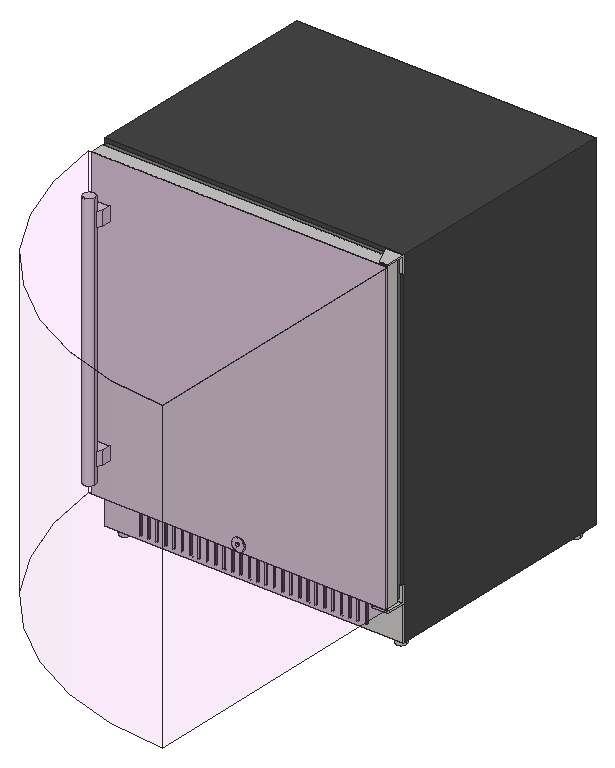
Revit family "QF_Summit_FF27BSSADA_ADA_Compliant_All_Refrigerator", category Specialty Equipment, Revit 2020
Family settings
  Round Connector Dimension = Use Diameter
  Part Type = Normal
  Work Plane-Based = No
  Always vertical = Yes
  Cut with Voids When Loaded = No
  Shared = No
  Room Calculation Point = No
Parameters
  Weight in Pounds = 101
  Watts = if(Phase = 3, Volts * FL Amps * 1.73, Volts * FL Amps)  # 143.75 W
  Volts = 115 V
  URL Cutsheet = ""
  Specification by User = ""
  Specification by Manufacturer = ""
  Show RHD [instance] = yes
  Show LHD [instance] = not(Show RHD)  # no
  Show Clearance [instance] = yes
  Serial Number = ""
  Seismic Rating = ""
  SMACNA No = ""
  Revision Code = ""
  Phase = 1
  Number of Poles = 1
  NAFEM Spec ID Number = ""
  Model = "FF27BSSADA"
  Min Ckt Ampacity = 0 A
  Max Overcurrent Protection = 0 A
  Masterspec = ""
  Manufacturer = "Summit"
  Length = 26 3/4"
  Item Number = ""
  Installed By = ""
  Identify Quantity as Lot = yes
  Height = 31 7/8"
  HP = ""
  Furnished By = ""
  Foodservice Equipment Identifier = yes
  FL Amps = 1.25 A
  Electrical Remarks = ""
  Electric Connection Type = ""
  Elec Conn RI Height = 0"
  Elec Conn Connection Height = 0"
  Description = "ADA Compliant All-Refrigerator"
  Depth = 23 1/4"
  Default Elevation = 0"
  Cycle = 60 Hz
  Conn Plug = ""
  Conn Conduit = yes
  CSI MasterFormat = ""
  Apparent Power = if(Phase = 3, Volts * FL Amps * 1.73, Volts * FL Amps)  # 143.75 VA
Reference planes (in)
  plane 1 "BACK": y = 0
  plane 2: z = 0
  plane 3 "LEFT": x = 0
  plane 4 "RIGHT": x = 26.75
  plane 5 "FRONT": y = -23.25
  plane 6 "TOP": z = 31.875
  plane 7 "Center Y": x = 13.375
  plane 8 "Center X": y = -11.625
  plane 9 "Base Height": z = 0.75
  plane 10: y = -48.5
  plane 11: y = -25.25
  plane 12: y = -21.5
Forms (in)
  Extrusion 1, solid, material "QF_Metal_Black"
    sketch origin (0, 0, 0.75) x (-1, 0, 0) y (0, -1, 0)
      loop
        line (0, 0) -> (0, 21.5) -> (-26.75, 21.5) -> (-26.75, 0) -> (0, 0)
    from 0 to 31.125
  Extrusion 2, solid, material "QF_Rubber - Black - Smooth"
    sketch origin (27.26123, -21.5, 0.75) x (-1, 0, 0) y (0, 0, -1)
      loop
        line (0.82373, -30.8125) -> (26.94873, -30.8125) -> (26.94873, -3.4375) -> (0.82373, -3.4375) -> (0.82373, -30.8125)
    from 0 to 0.5
  Extrusion 3, solid, material "QF_Metal - Stainless - Polished"
    sketch origin (27.26123, -22, 0.75) x (-1, 0, 0) y (0, 0, -1)
      loop
        line (0.69873, -3.375) -> (0.69873, -30.875) -> (27.07373, -30.875) -> (27.07373, -3.375) -> (0.69873, -3.375)
    from 0 to 1.25
  Extrusion 4, solid, material "QF_Metal - Stainless - Polished"
    sketch origin (27.26123, -21.5, 0.75) x (-1, 0, 0) y (0, 0, -1)
      loop
        line (27.26123, -3.125) -> (27.26123, 0) -> (0.51123, 0) -> (0.51123, -3.125) -> (27.26123, -3.125)
      loop
        line (23.88623, -0.3125) -> (23.88623, -2.8125) -> (24.13623, -2.8125) -> (24.13623, -0.3125) -> (23.88623, -0.3125)
      loop
        line (23.13623, -0.3125) -> (23.13623, -2.8125) -> (23.38623, -2.8125) -> (23.38623, -0.3125) -> (23.13623, -0.3125)
      loop
        line (22.38623, -0.3125) -> (22.38623, -2.8125) -> (22.63623, -2.8125) -> (22.63623, -0.3125) -> (22.38623, -0.3125)
      loop
        line (21.63623, -0.3125) -> (21.63623, -2.8125) -> (21.88623, -2.8125) -> (21.88623, -0.3125) -> (21.63623, -0.3125)
      loop
        line (21.13623, -2.8125) -> (21.13623, -0.3125) -> (20.88623, -0.3125) -> (20.88623, -2.8125) -> (21.13623, -2.8125)
      loop
        line (20.38623, -2.8125) -> (20.38623, -0.3125) -> (20.13623, -0.3125) -> (20.13623, -2.8125) -> (20.38623, -2.8125)
      loop
        line (19.63623, -2.8125) -> (19.63623, -0.3125) -> (19.38623, -0.3125) -> (19.38623, -2.8125) -> (19.63623, -2.8125)
      loop
        line (18.88623, -2.8125) -> (18.88623, -0.3125) -> (18.63623, -0.3125) -> (18.63623, -2.8125) -> (18.88623, -2.8125)
      loop
        line (18.13623, -2.8125) -> (18.13623, -0.3125) -> (17.88623, -0.3125) -> (17.88623, -2.8125) -> (18.13623, -2.8125)
      loop
        line (17.38623, -2.8125) -> (17.38623, -0.3125) -> (17.13623, -0.3125) -> (17.13623, -2.8125) -> (17.38623, -2.8125)
      loop
        line (16.63623, -2.8125) -> (16.63623, -0.3125) -> (16.38623, -0.3125) -> (16.38623, -2.8125) -> (16.63623, -2.8125)
      loop
        line (15.88623, -2.8125) -> (15.88623, -0.3125) -> (15.63623, -0.3125) -> (15.63623, -2.8125) -> (15.88623, -2.8125)
      loop
        line (15.13623, -2.8125) -> (15.13623, -0.3125) -> (14.88623, -0.3125) -> (14.88623, -2.8125) -> (15.13623, -2.8125)
      loop
        line (14.38623, -2.8125) -> (14.38623, -0.3125) -> (14.13623, -0.3125) -> (14.13623, -2.8125) -> (14.38623, -2.8125)
      loop
        line (13.63623, -2.8125) -> (13.63623, -0.3125) -> (13.38623, -0.3125) -> (13.38623, -2.8125) -> (13.63623, -2.8125)
      loop
        line (12.88623, -2.8125) -> (12.88623, -0.3125) -> (12.63623, -0.3125) -> (12.63623, -2.8125) -> (12.88623, -2.8125)
      loop
        line (12.13623, -2.8125) -> (12.13623, -0.3125) -> (11.88623, -0.3125) -> (11.88623, -2.8125) -> (12.13623, -2.8125)
      loop
        line (11.38623, -2.8125) -> (11.38623, -0.3125) -> (11.13623, -0.3125) -> (11.13623, -2.8125) -> (11.38623, -2.8125)
      loop
        line (10.63623, -2.8125) -> (10.63623, -0.3125) -> (10.38623, -0.3125) -> (10.38623, -2.8125) -> (10.63623, -2.8125)
      loop
        line (9.88623, -2.8125) -> (9.88623, -0.3125) -> (9.63623, -0.3125) -> (9.63623, -2.8125) -> (9.88623, -2.8125)
      loop
        line (9.13623, -2.8125) -> (9.13623, -0.3125) -> (8.88623, -0.3125) -> (8.88623, -2.8125) -> (9.13623, -2.8125)
      loop
        line (8.38623, -2.8125) -> (8.38623, -0.3125) -> (8.13623, -0.3125) -> (8.13623, -2.8125) -> (8.38623, -2.8125)
      loop
        line (7.38623, -0.3125) -> (7.38623, -2.8125) -> (7.63623, -2.8125) -> (7.63623, -0.3125) -> (7.38623, -0.3125)
      loop
        line (6.88623, -2.8125) -> (6.88623, -0.3125) -> (6.63623, -0.3125) -> (6.63623, -2.8125) -> (6.88623, -2.8125)
      loop
        line (6.13623, -2.8125) -> (6.13623, -0.3125) -> (5.88623, -0.3125) -> (5.88623, -2.8125) -> (6.13623, -2.8125)
      loop
        line (5.38623, -2.8125) -> (5.38623, -0.3125) -> (5.13623, -0.3125) -> (5.13623, -2.8125) -> (5.38623, -2.8125)
      loop
        line (4.38623, -0.3125) -> (4.38623, -2.8125) -> (4.63623, -2.8125) -> (4.63623, -0.3125) -> (4.38623, -0.3125)
      loop
        line (3.63623, -0.3125) -> (3.63623, -2.8125) -> (3.88623, -2.8125) -> (3.88623, -0.3125) -> (3.63623, -0.3125)
    from -0.0625 to 0.03516
  Revolve 5, solid, material "QF_Metal - Stainless - Polished"
    sketch origin (0, -1, 0) x (1, 0, 0) y (0, 0, 1)
      loop
        line (25.75886, 0) -> (25.75886, 0.75) -> (25.1875, 0.75) -> (25.31256, 0) -> (25.75886, 0)
      axis (25.75886, 0.75) -> (25.75886, 0)
    angle from 0 to 360
  Revolve 6, solid, material "QF_Metal - Stainless - Polished"
    sketch origin (26.75, -1, 0) x (-1, 0, 0) y (0, 0, 1)
      loop
        line (25.75886, 0) -> (25.75886, 0.75) -> (25.1875, 0.75) -> (25.31256, 0) -> (25.75886, 0)
      axis (25.75886, 0.75) -> (25.75886, 0)
    angle from 0 to 360
  Revolve 7, solid, material "QF_Metal - Stainless - Polished"
    sketch origin (0, -20.5, 0) x (1, 0, 0) y (0, 0, 1)
      loop
        line (25.75886, 0) -> (25.75886, 0.75) -> (25.1875, 0.75) -> (25.31256, 0) -> (25.75886, 0)
      axis (25.75886, 0.75) -> (25.75886, 0)
    angle from 0 to 360
  Revolve 8, solid, material "QF_Metal - Stainless - Polished"
    sketch origin (26.75, -20.5, 0) x (-1, 0, 0) y (0, 0, 1)
      loop
        line (25.75886, 0) -> (25.75886, 0.75) -> (25.1875, 0.75) -> (25.31256, 0) -> (25.75886, 0)
      axis (25.75886, 0.75) -> (25.75886, 0)
    angle from 0 to 360
  Extrusion 9, solid, material "QF_Metal - Stainless - Polished", visible <- "Show RHD"
    sketch origin (0, 0, 0.75) x (-1, 0, 0) y (0, -1, 0)
      loop
        circle (-1.1875, 24.75) r 0.5
    from 5.32883 to 28.32883
  Extrusion 10, solid, material "QF_Metal - Stainless - Polished", visible <- "Show RHD"
    sketch origin (0, 0, 0.75) x (-1, 0, 0) y (0, -1, 0)
      loop
        line (-0.5625, 23.25) -> (-0.5625, 24) -> (-0.74842, 24.51081)
        arc (-0.74842, 24.51081) -> (-1.1875, 24.25) -> (-1.62658, 24.51081) r 0.5
        line (-1.62658, 24.51081) -> (-1.8125, 24) -> (-1.8125, 23.25) -> (-0.5625, 23.25)
    from 25.82883 to 27.07883
  Extrusion 11, solid, material "QF_Metal - Stainless - Polished", visible <- "Show RHD"
    sketch origin (0, 0, 0.75) x (-1, 0, 0) y (0, -1, 0)
      loop
        line (-1.8125, 24) -> (-1.8125, 23.25) -> (-0.5625, 23.25) -> (-0.5625, 24) -> (-0.74842, 24.51081)
        arc (-0.74842, 24.51081) -> (-1.1875, 24.25) -> (-1.62658, 24.51081) r 0.5
        line (-1.62658, 24.51081) -> (-1.8125, 24)
    from 6.57883 to 7.82883
  Extrusion 12, solid, material "QF_Metal - Stainless - Polished", visible <- "Show RHD"
    sketch origin (27.26123, -21.5, 0.75) x (-1, 0, 0) y (0, 0, -1)
      loop
        line (0.51123, -31.125) -> (2.01123, -31.125) -> (2.01123, -30.875) -> (0.76123, -30.875) -> (0.76123, -29.625) -> (0.51123, -29.625) -> (0.51123, -31.125)
      loop
        line (0.51123, -3.125) -> (0.51123, -4.625) -> (0.76123, -4.625) -> (0.76123, -3.375) -> (2.01123, -3.375) -> (2.01123, -3.125) -> (0.51123, -3.125)
    from 0 to 0.125
  Extrusion 13, solid, material "QF_Metal - Stainless - Polished", visible <- "Show RHD"
    sketch origin (26.75, -21.5, 31.875) x (-1, 0, 0) y (0, -1, 0)
      loop
        line (1.5, 0) -> (1.5, 0.125) -> (0.6875, 1.75) -> (0, 1.75) -> (0, 0) -> (1.5, 0)
    from 0 to -0.125
  Extrusion 14, solid, material "QF_Metal - Stainless - Polished", visible <- "Show RHD"
    sketch origin (26.75, -21.5, 31.75) x (0, -1, 0) y (-1, 0, 0)
      loop
        circle (1.1875, 0.75) r 0.11776
    from 0 to 0.125
  Extrusion 15, solid, material "QF_Metal - Stainless - Polished", visible <- "Show RHD"
    sketch origin (26.75, -21.5, 3.875) x (0, 1, 0) y (1, 0, 0)
      loop
        line (-0.125, 0) -> (-1.61884, 0)
        arc (-1.61884, 0) -> (-1.71158, -0.03842) -> (-1.75, -0.13116) r 0.13116
        line (-1.75, -0.13116) -> (-1.75, -1.36719)
        arc (-1.75, -1.36719) -> (-1.7111, -1.4611) -> (-1.61719, -1.5) r 0.13281
        line (-1.61719, -1.5) -> (-0.125, -1.5) -> (-0.125, 0)
    from 0 to -0.125
  Extrusion 16, solid, material "QF_Metal - Stainless - Polished", visible <- "Show RHD"
    sketch origin (26.75, -21.5, 4) x (0, 1, 0) y (-1, 0, 0)
      loop
        circle (-1.1875, 0.75) r 0.11776
      loop
        circle (-1.1875, 1.19544) r 0.11776
    from 0 to 0.125
  Extrusion 17, solid, material "QF_Rubber - Black - Smooth"
    sketch origin (-4.07559, 0, 0.75) x (1, 0, 0) y (0, 0, -1)
      loop
        circle (24.63475, -1.63661) r 0.25
    from 0 to 0.0625
  Extrusion 18, void
    sketch origin (27.26123, -23.25, 0.75) x (-1, 0, 0) y (0, 0, -1)
      loop
        circle (13.88623, -3.96887) r 0.57159
    from -0.0625 to 0.0625
  Extrusion 19, solid, material "QF_Metal - Stainless - Polished", visible <- "Show RHD"
    sketch origin (27.26123, -23.25, -1.27173) x (-1, 0, 0) y (0, 0, -1)
      loop
        circle (13.88623, -5.9906) r 0.5625
      loop
        circle (13.88623, -5.9906) r 0.1875
    from -0.0625 to 0.0625
  Extrusion 20, solid, material "QF_Clearances_Door_Drawer", visible <- "Show RHD"
    sketch origin (0, 0, 0.75) x (-1, 0, 0) y (0, -1, 0)
      loop
        line (-26.75, 48.49935) -> (-26.75, 23.25) -> (0.00573, 23.25)
        arc (0.00573, 23.25) -> (-8.4064, 41.13666) -> (-26.75, 48.49935) r 27
    from 3.375 to 30.875
  Extrusion 21, solid, material "QF_Metal - Stainless - Polished", visible <- "Show LHD"
    sketch origin (26.75, 0, 0.75) x (1, 0, 0) y (0, 1, 0)
      loop
        circle (-1.1875, -24.75) r 0.5
    from 5.32883 to 28.32883
  Extrusion 22, solid, material "QF_Metal - Stainless - Polished", visible <- "Show LHD"
    sketch origin (26.75, 0, 0.75) x (1, 0, 0) y (0, 1, 0)
      loop
        line (-0.5625, -23.25) -> (-1.8125, -23.25) -> (-1.8125, -24) -> (-1.62658, -24.51081)
        arc (-1.62658, -24.51081) -> (-1.1875, -24.25) -> (-0.74842, -24.51081) r 0.5
        line (-0.74842, -24.51081) -> (-0.5625, -24) -> (-0.5625, -23.25)
    from 25.82883 to 27.07883
  Extrusion 23, solid, material "QF_Metal - Stainless - Polished", visible <- "Show LHD"
    sketch origin (26.75, 0, 0.75) x (1, 0, 0) y (0, 1, 0)
      loop
        line (-1.8125, -24) -> (-1.62658, -24.51081)
        arc (-1.62658, -24.51081) -> (-1.1875, -24.25) -> (-0.74842, -24.51081) r 0.5
        line (-0.74842, -24.51081) -> (-0.5625, -24) -> (-0.5625, -23.25) -> (-1.8125, -23.25) -> (-1.8125, -24)
    from 6.57883 to 7.82883
  Extrusion 24, solid, material "QF_Metal - Stainless - Polished", visible <- "Show LHD"
    sketch origin (-0.51123, -21.5, 0.75) x (1, 0, 0) y (0, 0, 1)
      loop
        line (0.51123, 31.125) -> (0.51123, 29.625) -> (0.76123, 29.625) -> (0.76123, 30.875) -> (2.01123, 30.875) -> (2.01123, 31.125) -> (0.51123, 31.125)
      loop
        line (0.51123, 3.125) -> (2.01123, 3.125) -> (2.01123, 3.375) -> (0.76123, 3.375) -> (0.76123, 4.625) -> (0.51123, 4.625) -> (0.51123, 3.125)
    from 0 to 0.125
  Extrusion 25, solid, material "QF_Metal - Stainless - Polished", visible <- "Show LHD"
    sketch origin (0, -21.5, 31.875) x (1, 0, 0) y (0, 1, 0)
      loop
        line (1.5, 0) -> (0, 0) -> (0, -1.75) -> (0.6875, -1.75) -> (1.5, -0.125) -> (1.5, 0)
    from 0 to -0.125
  Extrusion 26, solid, material "QF_Metal - Stainless - Polished", visible <- "Show LHD"
    sketch origin (0, -21.5, 31.75) x (0, 1, 0) y (1, 0, 0)
      loop
        circle (-1.1875, 0.75) r 0.11776
    from 0 to 0.125
  Extrusion 27, solid, material "QF_Metal - Stainless - Polished", visible <- "Show LHD"
    sketch origin (0, -21.5, 3.875) x (0, -1, 0) y (-1, 0, 0)
      loop
        line (0.125, 0) -> (0.125, -1.5) -> (1.61719, -1.5)
        arc (1.61719, -1.5) -> (1.7111, -1.4611) -> (1.75, -1.36719) r 0.13281
        line (1.75, -1.36719) -> (1.75, -0.13116)
        arc (1.75, -0.13116) -> (1.71158, -0.03842) -> (1.61884, 0) r 0.13116
        line (1.61884, 0) -> (0.125, 0)
    from 0 to -0.125
  Extrusion 28, solid, material "QF_Metal - Stainless - Polished", visible <- "Show LHD"
    sketch origin (0, -21.5, 4) x (0, -1, 0) y (1, 0, 0)
      loop
        circle (1.1875, 0.75) r 0.11776
      loop
        circle (1.1875, 1.19544) r 0.11776
    from 0 to 0.125
  Extrusion 29, solid, material "QF_Metal - Stainless - Polished", visible <- "Show LHD"
    sketch origin (-0.51123, -23.25, -1.27173) x (1, 0, 0) y (0, 0, 1)
      loop
        circle (13.88623, 5.9906) r 0.5625
      loop
        circle (13.88623, 5.9906) r 0.1875
    from -0.0625 to 0.0625
  Extrusion 30, solid, material "QF_Clearances_Door_Drawer", visible <- "Show LHD"
    sketch origin (26.75, 0, 0.75) x (1, 0, 0) y (0, 1, 0)
      loop
        arc (-26.75, -48.49935) -> (-8.4064, -41.13666) -> (0.00573, -23.25) r 27
        line (0.00573, -23.25) -> (-26.75, -23.25) -> (-26.75, -48.49935)
    from 3.375 to 30.875
Cuts and joins
  joined: Extrusion 12, Extrusion 13, Extrusion 15
  Extrusion 18 cuts Extrusion 3
  joined: Extrusion 24, Extrusion 25
Lines and regions (in)
  symbolic lines
    curve 1: line (0, 0, 0.75) -> (26.75, 0, 0.75)
    curve 2: line (0, -21.5, 0.75) -> (0, 0, 0.75)
    curve 3: line (26.75, -21.5, 0.75) -> (0, -21.5, 0.75)
    curve 4: line (26.75, 0, 0.75) -> (26.75, -23.25, 0.75)
    curve 5: line (0, -21.5, 0.75) -> (0, -23.25, 0.75)
  symbolic lines, visible <- "Show RHD"
    curve 6: line (0, -22, 0.75) -> (0, -23.25, 0.75)
    curve 7: line (25.4375, -22, 0.75) -> (0, -22, 0.75)
    curve 8: line (0, -23.25, 0.75) -> (26.75, -23.25, 0.75)
    curve 9: line (25.25, -21.5, 0.75) -> (25.25, -21.625, 0.75)
    curve 10: line (25.25, -21.625, 0.75) -> (26.0625, -23.25, 0.75)
    curve 11: line (0.5625, -23.25, 0.75) -> (0.5625, -24, 0.75)
    curve 12: line (0.5625, -24, 0.75) -> (0.74842, -24.51081, 0.75)
    curve 13: line (1.8125, -23.25, 0.75) -> (1.8125, -24, 0.75)
    curve 14: line (1.8125, -24, 0.75) -> (1.62658, -24.51081, 0.75)
    curve 15: arc (0.6875, -24.75, 0.75) -> (1.1875, -25.25, 0.75) -> (1.6875, -24.75, 0.75) r 0.5
    curve 16: arc (1.6875, -24.75, 0.75) -> (1.1875, -24.25, 0.75) -> (0.6875, -24.75, 0.75) r 0.5
  symbolic lines, style "QF_Clearances_Door_Drawer", visible <- "Show RHD"
    curve 17: arc (-0.00573, -23.25, 0.75) -> (1.313, -30.00794, 0.75) -> (4.29815, -36.21258, 0.75) r 27
    curve 18: line (26.75, -23.25, 0.75) -> (4.29815, -36.21258, 0.75)
  symbolic lines, visible <- "Show LHD"
    curve 19: line (26.75, -22, 0.75) -> (26.75, -23.25, 0.75)
    curve 20: line (1.3125, -22, 0.75) -> (26.75, -22, 0.75)
    curve 21: line (26.75, -23.25, 0.75) -> (0, -23.25, 0.75)
    curve 22: line (1.5, -21.5, 0.75) -> (1.5, -21.625, 0.75)
    curve 23: line (1.5, -21.625, 0.75) -> (0.6875, -23.25, 0.75)
    curve 24: line (26.1875, -23.25, 0.75) -> (26.1875, -24, 0.75)
    curve 25: line (26.1875, -24, 0.75) -> (26.00158, -24.51081, 0.75)
    curve 26: line (24.9375, -23.25, 0.75) -> (24.9375, -24, 0.75)
    curve 27: line (24.9375, -24, 0.75) -> (25.12342, -24.51081, 0.75)
    curve 28: arc (26.0625, -24.75, 0.75) -> (25.5625, -25.25, 0.75) -> (25.0625, -24.75, 0.75) r 0.5
    curve 29: arc (25.0625, -24.75, 0.75) -> (25.5625, -24.25, 0.75) -> (26.0625, -24.75, 0.75) r 0.5
    curve 32: line (0, -22, 0.75) -> (0, -23.25, 0.75)
  symbolic lines, style "QF_Clearances_Door_Drawer", visible <- "Show LHD"
    curve 30: arc (26.75573, -23.25, 0.75) -> (25.437, -30.00794, 0.75) -> (22.45185, -36.21258, 0.75) r 27
    curve 31: line (0, -23.25, 0.75) -> (22.45185, -36.21258, 0.75)
  model lines, visible <- "Show LHD"
    curve 33: line (0, -21.5, 0.75) -> (0, -23.25, 0.75)
Dimensions and locks (in)
  equal spacing: plane 3 "LEFT", plane 7 "Center Y", plane 4 "RIGHT"
  "Length": plane 3 "LEFT" to plane 4 "RIGHT"
  equal spacing: plane 5 "FRONT", plane 8 "Center X", plane 1 "BACK"
  "Depth": plane 5 "FRONT" to plane 1 "BACK"
  "Height": plane 6 "TOP" to level
  plane 9 "Base Height" to level = 3/4"  (x2)
  plane 10 to plane 1 "BACK" = 48 1/2"
  plane 5 "FRONT" to plane 11 = 2"
  plane 12 to plane 1 "BACK" = 21 1/2"
  aligned and locked: level to plane 2
Automatic sketch dimensions
  plane 1 "BACK" to Extrusion 1 sketch curve = 0"
  Extrusion 1 sketch curve to plane 4 "RIGHT" = 0"
  Extrusion 1 sketch curve to plane 3 "LEFT" = 0"
  Extrusion 1 sketch curve to plane 12 = 0"
  Extrusion 2 sketch curve to Extrusion 1 = 5/16"
  Extrusion 1 to Extrusion 2 sketch curve = 5/16"  (x2)
  Extrusion 1 to Extrusion 2 sketch curve = 3 7/16"
  Extrusion 2 to Extrusion 3 sketch curve = 1/8"  (x2)
  Extrusion 2 to Extrusion 3 sketch curve = 1/16"  (x2)
  Extrusion 4 sketch curve to Extrusion 1 = 0"  (x3)
  Extrusion 4 sketch curve to Extrusion 1 = 3 1/8"
  Extrusion 4 sketch curve to Extrusion 4 sketch curve = 1/4"  (x28)
  Extrusion 4 sketch curve to Extrusion 4 sketch curve = 1/2"  (x27)
  Extrusion 1 to Extrusion 4 sketch curve = 5/16"  (x28)
  Extrusion 4 sketch curve to Extrusion 4 sketch curve = 2 1/2"  (x2)
  Extrusion 4 sketch curve to Extrusion 4 sketch curve = 0"  (x26)
  Extrusion 1 to Extrusion 4 sketch curve = 3 1/8"
  Revolve 5 sketch curve to plane 9 "Base Height" = 0"
  Revolve 5 sketch curve to level = 0"  (x2)
  plane 4 "RIGHT" to Revolve 5 sketch curve = 1 9/16"
  Revolve 5 sketch curve to Revolve 5 sketch curve = 0.12506"
  Revolve 5 sketch curve to Revolve 5 sketch curve = 0.4463"
  Revolve 5 sketch curve to Revolve 5 sketch curve = 0"
  Revolve 5 sketch curve to level = 1 1/4"
  Revolve 6 sketch curve to plane 9 "Base Height" = 0"
  Revolve 6 sketch curve to level = 0"  (x2)
  Revolve 6 sketch curve to plane 3 "LEFT" = 1 9/16"
  Revolve 6 sketch curve to Revolve 6 sketch curve = 0.12506"
  Revolve 6 sketch curve to Revolve 6 sketch curve = 0.4463"
  Revolve 6 sketch curve to Revolve 6 sketch curve = 0"
  level to Revolve 6 sketch curve = 1 1/4"
  Revolve 7 sketch curve to plane 9 "Base Height" = 0"
  Revolve 7 sketch curve to level = 0"  (x2)
  plane 4 "RIGHT" to Revolve 7 sketch curve = 1 9/16"
  Revolve 7 sketch curve to Revolve 7 sketch curve = 0.12506"
  Revolve 7 sketch curve to Revolve 7 sketch curve = 0.4463"
  Revolve 7 sketch curve to Revolve 7 sketch curve = 0"
  Revolve 7 sketch curve to level = 1 1/4"
  Revolve 8 sketch curve to plane 9 "Base Height" = 0"
  Revolve 8 sketch curve to level = 0"  (x2)
  Revolve 8 sketch curve to plane 3 "LEFT" = 1 9/16"
  Revolve 8 sketch curve to Revolve 8 sketch curve = 0.12506"
  Revolve 8 sketch curve to Revolve 8 sketch curve = 0.4463"
  Revolve 8 sketch curve to Revolve 8 sketch curve = 0"
  level to Revolve 8 sketch curve = 1 1/4"
  plane 5 "FRONT" to Extrusion 10 sketch curve = 0"
  plane 3 "LEFT" to Extrusion 10 sketch curve = 1 13/16"
  Extrusion 10 sketch curve to Extrusion 10 sketch curve = 0.18592"  (x2)
  Extrusion 10 sketch curve to Extrusion 10 sketch curve = 0.43908"  (x2)
  Extrusion 10 sketch curve to Extrusion 10 sketch curve = 3/4"  (x2)
  Extrusion 10 sketch curve to Extrusion 10 sketch curve = 0.51081"
  Extrusion 10 sketch curve to Extrusion 10 sketch curve = 0.23919"
  plane 5 "FRONT" to Extrusion 11 sketch curve = 0"
  plane 5 "FRONT" to Extrusion 11 sketch curve = 3/4"
  plane 3 "LEFT" to Extrusion 11 sketch curve = 1 13/16"
  plane 11 to Extrusion 11 sketch curve = 0.73919"  (x2)
  Extrusion 11 sketch curve to Extrusion 11 sketch curve = 0.18592"
  Extrusion 11 sketch curve to Extrusion 11 sketch curve = 0.43908"
  plane 3 "LEFT" to Extrusion 11 sketch curve = 9/16"
  Extrusion 11 sketch curve to Extrusion 11 sketch curve = 0.51081"
  Extrusion 11 sketch curve to Extrusion 11 sketch curve = 0.23919"
  Extrusion 12 sketch curve to Extrusion 1 = 0"  (x3)
  Extrusion 12 sketch curve to Extrusion 1 = 1/4"  (x2)
  Extrusion 12 sketch curve to Extrusion 12 sketch curve = 1 1/4"  (x4)
  Extrusion 1 to Extrusion 12 sketch curve = 1/4"
  Extrusion 1 to Extrusion 12 sketch curve = 4 5/8"
  Extrusion 12 sketch curve to Extrusion 12 sketch curve = 1/4"
  Extrusion 13 sketch curve to Extrusion 12 = 0"  (x4)
  Extrusion 12 to Extrusion 13 sketch curve = 11/16"
  Extrusion 13 sketch curve to Extrusion 12 = 1 5/8"
  Extrusion 13 to Extrusion 14 sketch curve = 9/16"
  Extrusion 13 to Extrusion 14 sketch curve = 3/4"
  Extrusion 15 sketch curve to Extrusion 12 = 0"  (x3)
  Extrusion 12 to Extrusion 15 sketch curve = 17/128"
  Extrusion 12 to Extrusion 15 sketch curve = 1 63/128"
  Extrusion 15 sketch curve to Extrusion 15 sketch curve = 0.13116"
  Extrusion 16 sketch curve to Extrusion 15 = 9/16"
  Extrusion 16 sketch curve to Extrusion 16 sketch curve = 0"
  Extrusion 16 sketch curve to Extrusion 15 = 3/4"
  Extrusion 16 sketch curve to Extrusion 15 = 0.30456"
  Extrusion 1 to Extrusion 17 sketch curve = 1.63661"
  Extrusion 17 sketch curve to Extrusion 1 = 6.19084"
  Extrusion 18 sketch curve to Extrusion 3 = 0.59387"
  Extrusion 18 sketch curve to Extrusion 3 = 13 3/16"
  Extrusion 19 sketch curve to Extrusion 19 sketch curve = 0"  (x2)
  Extrusion 19 sketch curve to Extrusion 3 = 0.59387"
  Extrusion 19 sketch curve to Extrusion 3 = 13 3/16"
  Extrusion 20 sketch curve to plane 12 = 0"
  Extrusion 20 sketch curve to plane 4 "RIGHT" = 0"
  plane 5 "FRONT" to Extrusion 20 sketch curve = 0"
  Extrusion 20 sketch curve to plane 4 "RIGHT" = 3/16"
  Extrusion 20 sketch curve to plane 3 "LEFT" = 0.00573"
  Extrusion 21 sketch curve to plane 11 = 1/2"
  Extrusion 21 sketch curve to plane 4 "RIGHT" = 1 3/16"
  plane 5 "FRONT" to Extrusion 22 sketch curve = 0"
  Extrusion 22 sketch curve to plane 4 "RIGHT" = 1 13/16"
  Extrusion 22 sketch curve to plane 11 = 0.73919"  (x2)
  Extrusion 22 sketch curve to Extrusion 22 sketch curve = 0.18592"  (x2)
  Extrusion 22 sketch curve to Extrusion 22 sketch curve = 0.43908"
  Extrusion 22 sketch curve to plane 5 "FRONT" = 3/4"
  Extrusion 22 sketch curve to Extrusion 22 sketch curve = 0.51081"
  Extrusion 22 sketch curve to Extrusion 22 sketch curve = 0.23919"
  plane 5 "FRONT" to Extrusion 23 sketch curve = 0"
  Extrusion 23 sketch curve to plane 5 "FRONT" = 3/4"
  Extrusion 23 sketch curve to plane 4 "RIGHT" = 1 13/16"
  Extrusion 23 sketch curve to plane 11 = 0.73919"  (x2)
  Extrusion 23 sketch curve to Extrusion 23 sketch curve = 0.18592"
  Extrusion 23 sketch curve to Extrusion 23 sketch curve = 0.43908"
  Extrusion 23 sketch curve to Extrusion 23 sketch curve = 1 1/4"
  Extrusion 23 sketch curve to Extrusion 23 sketch curve = 0.51081"
  Extrusion 23 sketch curve to Extrusion 23 sketch curve = 0.23919"
  Extrusion 24 sketch curve to Extrusion 1 = 0"
  Extrusion 24 sketch curve to Extrusion 1 = 26 3/4"  (x2)
  Extrusion 1 to Extrusion 24 sketch curve = 4 5/8"
  Extrusion 24 sketch curve to Extrusion 24 sketch curve = 1/4"  (x3)
  Extrusion 24 sketch curve to Extrusion 24 sketch curve = 1 1/4"  (x4)
  Extrusion 1 to Extrusion 24 sketch curve = 1/4"
  Extrusion 25 sketch curve to Extrusion 24 = 0"  (x4)
  Extrusion 24 to Extrusion 25 sketch curve = 11/16"
  Extrusion 25 sketch curve to Extrusion 24 = 1 5/8"
  Extrusion 25 to Extrusion 26 sketch curve = 9/16"
  Extrusion 25 to Extrusion 26 sketch curve = 3/4"
  Extrusion 24 to Extrusion 27 sketch curve = 0"
  Extrusion 27 sketch curve to Extrusion 24 = 0"  (x2)
  Extrusion 24 to Extrusion 27 sketch curve = 17/128"
  Extrusion 24 to Extrusion 27 sketch curve = 1 63/128"
  Extrusion 27 sketch curve to Extrusion 27 sketch curve = 0.13116"
  Extrusion 28 sketch curve to Extrusion 27 = 9/16"
  Extrusion 28 sketch curve to Extrusion 28 sketch curve = 0"
  Extrusion 28 sketch curve to Extrusion 27 = 3/4"
  Extrusion 28 sketch curve to Extrusion 27 = 0.30456"
  Extrusion 29 sketch curve to Extrusion 29 sketch curve = 0"  (x2)
  Extrusion 29 sketch curve to Extrusion 3 = 0.59387"
  Extrusion 29 sketch curve to Extrusion 3 = 13 3/16"
  plane 12 to Extrusion 30 sketch curve = 0"
  plane 5 "FRONT" to Extrusion 30 sketch curve = 0"
  Extrusion 30 sketch curve to plane 4 "RIGHT" = 26 15/16"
  Extrusion 30 sketch curve to plane 10 = 0.00065"
  Extrusion 30 sketch curve to plane 4 "RIGHT" = 26 3/4"
  curve 17 to plane 12 = 0"
  plane 5 "FRONT" to curve 30 = 0"
  curve 19 to plane 4 "RIGHT" = 0"
  plane 5 "FRONT" to curve 24 = 0"
  curve 9 to plane 12 = 0"
  curve 5 to plane 3 "LEFT" = 0"
  plane 5 "FRONT" to curve 17 = 0"
  curve 30 to plane 12 = 0"
  plane 1 "BACK" to curve 1 = 0"
  curve 17 to plane 4 "RIGHT" = 3/16"
  plane 4 "RIGHT" to curve 25 = 9/16"
  plane 11 to curve 28 = 1/2"
  curve 24 to curve 28 = 5/8"
  curve 9 to plane 12 = 1/8"
  plane 4 "RIGHT" to curve 9 = 1 1/2"
  plane 5 "FRONT" to curve 27 = 3/4"
  curve 28 to curve 27 = 5/8"
  plane 4 "RIGHT" to curve 31 = 4.29815"
  plane 3 "LEFT" to curve 18 = 4.29815"
  plane 5 "FRONT" to curve 14 = 3/4"
  plane 3 "LEFT" to curve 14 = 1 13/16"
  curve 22 to plane 12 = 1/8"
  plane 3 "LEFT" to curve 22 = 1 1/2"
  plane 11 to curve 15 = 1/2"
  curve 13 to curve 15 = 5/8"
  plane 3 "LEFT" to curve 11 = 9/16"
  curve 2 to curve 30 = 3/16"
  curve 19 to plane 12 = 1/2"
  curve 5 to curve 7 = 1/2"
  plane 5 "FRONT" to curve 11 = 3/4"
  plane 5 "FRONT" to curve 25 = 3/4"
  curve 18 to plane 11 = 10.96258"
  curve 31 to plane 11 = 10.96258"
  curve 24 to curve 10 = 1/8"
  curve 29 to curve 28 = 1/2"
  plane 11 to curve 25 = 0.73919"
  plane 11 to curve 27 = 0.73919"
  curve 15 to curve 15 = 1/2"
  plane 11 to curve 14 = 0.73919"
  curve 22 to curve 20 = 3/16"
  plane 11 to curve 12 = 0.73919"
  radius of Extrusion 14 sketch curve = 0.11776"
  radius of Extrusion 16 sketch curve = 0.11776"  (x2)
  radius of Extrusion 17 sketch curve = 1/4"
  radius of Extrusion 18 sketch curve = 0.57159"
  radius of Extrusion 19 sketch curve = 9/16"
  radius of Extrusion 19 sketch curve = 3/16"
  radius of Extrusion 21 sketch curve = 1/2"
  radius of Extrusion 26 sketch curve = 0.11776"
  radius of Extrusion 28 sketch curve = 0.11776"  (x2)
  radius of Extrusion 29 sketch curve = 9/16"
  radius of Extrusion 29 sketch curve = 3/16"
Connectors (in)
  electrical at (20.55916, 0.0625, 2.38661), driven by "Volts"
    settings: on Extrusion 17, index 1, voltage 115 V, apparent load 0 VA, apparent load phase1 0 VA, apparent load phase2 0 VA, apparent load phase3 0 VA, power factor 1, load classification "Other", number of poles 1, system type 30, power factor state 1, is connector primary yes, connector utility no, sub classification motor no, connector description "Electrical Connection"
